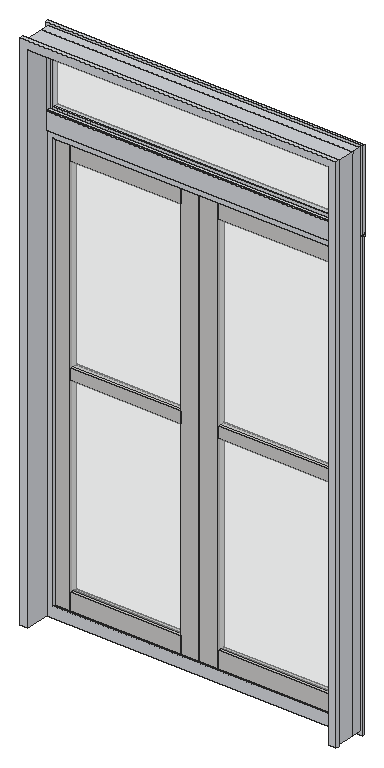
Revit family "APL Residential Thermal Heart French Door with Overlight Open Out", category Doors, host Wall, Revit 2017 (continued)
Definition of nested family "APL Residential Thermal Heart French Door with Overlight Open Out Vertical Section"
  Definition of nested family "65180_Sidelight Frame"
    Lines and regions (mm)
      model lines, in view "Ref. Level"
        curve 284: line (2.043, -17.321, 0) -> (2.352, -17.507, 0)
        curve 285: line (2.441, -17.841, 0) -> (2.078, -18.205, 0)
        curve 286: line (1.892, -18.292, 0) -> (-0.474, -18.499, 0)
        curve 287: line (-0.782, -18.097, 0) -> (-0.268, -16.687, 0)
        curve 288: line (0, -15.917, 0) -> (0, -14.1, 0)
        curve 289: line (1, -13.1, 0) -> (13.8, -13.1, 0)
        curve 290: line (14, -12.9, 0) -> (14, -4.691, 0)
        curve 291: line (13.5, -4.191, 0) -> (10.076, -4.191, 0)
        curve 292: line (9.575, -3.691, 0) -> (9.575, 3, 0)
        curve 293: line (9.775, 3.2, 0) -> (10.775, 3.2, 0)
        curve 294: line (10.975, 3, 0) -> (10.975, 1.817, 0)
        curve 295: line (14.3, 1.252, 0) -> (14.3, 1.9, 0)
        curve 296: line (16.2, 3.99, 0) -> (16.2, 11.8, 0)
        curve 297: line (16, 12, 0) -> (15.2, 12, 0)
        curve 298: line (15.2, 13, 0) -> (16, 13, 0)
        curve 299: line (16.2, 13.2, 0) -> (16.2, 14.8, 0)
        curve 300: line (16, 15, 0) -> (11.266, 15, 0)
        curve 301: line (10.134, 15, 0) -> (5.4, 15, 0)
        curve 302: line (5.2, 14.8, 0) -> (5.2, 13.2, 0)
        curve 303: line (5.4, 13, 0) -> (6.2, 13, 0)
        curve 304: line (6.2, 12, 0) -> (5.2, 12, 0)
        curve 305: line (4.2, 13, 0) -> (4.2, 14.8, 0)
        curve 306: line (4, 15, 0) -> (1, 15, 0)
        curve 307: line (0, 16, 0) -> (0, 17.5, 0)
        curve 308: line (0, 17.5, 0) -> (0.4, 17.9, 0)
        curve 309: line (0.4, 17.9, 0) -> (0.4, 23.1, 0)
        curve 310: line (0.4, 23.1, 0) -> (0, 23.5, 0)
        curve 311: line (0, 23.5, 0) -> (0, 26.5, 0)
        curve 312: line (1.4, 26.5, 0) -> (1.4, 16.7, 0)
        curve 313: line (1.6, 16.5, 0) -> (16, 16.5, 0)
        curve 314: arc (16, 16.5, 0) -> (17.228, 15.975, 0) -> (17.698, 14.725, 0) r 1.7
        curve 315: arc (17.698, 14.725, 0) -> (17.806, 14.538, 0) -> (18.021, 14.558, 0) r 0.2
        curve 316: arc (18.021, 14.558, 0) -> (18.648, 14.969, 0) -> (19.333, 15.274, 0) r 4.7
        curve 317: arc (19.333, 15.274, 0) -> (19.909, 15.68, 0) -> (20.188, 16.327, 0) r 1.3
      detail lines, in view "Ref. Level"
        curve 318: arc (36.356, -1.718, 0) -> (36.496, -2.028, 0) -> (36.197, -2.191, 0) r 0.25
        curve 319: arc (26.309, -2.164, 0) -> (26.009, -2.002, 0) -> (26.149, -1.692, 0) r 0.25
        curve 320: line (36.197, -2.191, 0) -> (32.329, -1.197, 0)
        curve 321: line (32.329, -1.197, 0) -> (31.75, -2.2, 0)
        curve 322: line (31.75, -2.2, 0) -> (30.75, -2.2, 0)
        curve 323: line (30.75, -2.2, 0) -> (30.158, -1.175, 0)
        curve 324: line (30.158, -1.175, 0) -> (26.309, -2.164, 0)
        curve 325: line (26.149, -1.692, 0) -> (30.25, 0.032, 0)
        curve 326: line (30.25, 0.032, 0) -> (30.25, 1.3, 0)
        curve 327: line (30.25, 1.3, 0) -> (29, 1.3, 0)
        curve 328: line (29, 1.3, 0) -> (29, 2.3, 0)
        curve 329: line (29, 2.3, 0) -> (33.5, 2.3, 0)
        curve 330: line (33.5, 2.3, 0) -> (33.5, 1.3, 0)
        curve 331: line (33.5, 1.3, 0) -> (32.25, 1.3, 0)
        curve 332: line (32.25, 1.3, 0) -> (32.25, 0.008, 0)
        curve 333: line (32.25, 0.008, 0) -> (36.356, -1.718, 0)
        curve 334: arc (27.921, 135.423, 0) -> (27.611, 135.563, 0) -> (27.449, 135.264, 0) r 0.25
        curve 335: arc (27.475, 125.376, 0) -> (27.637, 125.077, 0) -> (27.948, 125.217, 0) r 0.25
        curve 336: line (27.449, 135.264, 0) -> (28.443, 131.396, 0)
        curve 337: line (28.443, 131.396, 0) -> (27.439, 130.817, 0)
        curve 338: line (27.439, 130.817, 0) -> (27.439, 129.817, 0)
        curve 339: line (27.439, 129.817, 0) -> (28.465, 129.225, 0)
        curve 340: line (28.465, 129.225, 0) -> (27.475, 125.376, 0)
        curve 341: line (27.948, 125.217, 0) -> (29.672, 129.317, 0)
        curve 342: line (29.672, 129.317, 0) -> (30.939, 129.317, 0)
        curve 343: line (30.939, 129.317, 0) -> (30.939, 128.067, 0)
        curve 344: line (30.939, 128.067, 0) -> (31.939, 128.067, 0)
        curve 345: line (31.939, 128.067, 0) -> (31.939, 132.567, 0)
        curve 346: line (31.939, 132.567, 0) -> (30.939, 132.567, 0)
        curve 347: line (30.939, 132.567, 0) -> (30.939, 131.317, 0)
        curve 348: line (30.939, 131.317, 0) -> (29.647, 131.317, 0)
        curve 349: line (29.647, 131.317, 0) -> (27.921, 135.423, 0)
    Text (mm)
      text "65180" at (37.391, 26.006, 0), in view "Ref. Level"
  Definition of nested family "65290_Vision Rail"
    Reference planes
      plane 1 "Center (Front/Back)": y = 0
      plane 2: z = 0
      plane 3 "Center (Left/Right)": x = 0
    Lines and regions (mm)
      model lines, in view "Ref. Level"
        curve 1: arc (-2.5, 4.399, 0) -> (-2.383, 4.117, 0) -> (-2.1, 3.999, 0) r 0.4
        curve 2: arc (-1.807, 3.999, 0) -> (-1.704, 4.013, 0) -> (-1.607, 4.053, 0) r 0.4
        curve 3: arc (-0.079, 4.938, 0) -> (0.211, 5.058, 0) -> (0.522, 5.099, 0) r 1.2
        curve 4: arc (1.445, 5.099, 0) -> (2.018, 5.28, 0) -> (2.384, 5.757, 0) r 1
        curve 5: arc (3.177, 7.936, 0) -> (3.324, 8.127, 0) -> (3.553, 8.199, 0) r 0.4
        curve 6: arc (6.247, 8.199, 0) -> (6.476, 8.127, 0) -> (6.623, 7.936, 0) r 0.4
        curve 7: arc (7.416, 5.757, 0) -> (7.782, 5.28, 0) -> (8.355, 5.099, 0) r 1
        curve 8: arc (9.278, 5.099, 0) -> (9.589, 5.058, 0) -> (9.879, 4.938, 0) r 1.2
        curve 9: arc (11.407, 4.053, 0) -> (11.504, 4.013, 0) -> (11.607, 3.999, 0) r 0.4
        curve 10: arc (11.9, 3.999, 0) -> (12.183, 4.117, 0) -> (12.3, 4.399, 0) r 0.4
        curve 11: arc (12.3, 7.799, 0) -> (12.183, 8.082, 0) -> (11.9, 8.199, 0) r 0.4
        curve 12: arc (11.607, 8.199, 0) -> (11.504, 8.186, 0) -> (11.407, 8.146, 0) r 0.4
        curve 13: arc (9.879, 7.261, 0) -> (9.585, 7.139, 0) -> (9.27, 7.099, 0) r 1.2
        curve 14: arc (9.27, 7.099, 0) -> (9.095, 7.153, 0) -> (8.984, 7.297, 0) r 0.3
        curve 15: arc (8.096, 9.736, 0) -> (7.949, 9.927, 0) -> (7.72, 9.999, 0) r 0.4
        curve 16: arc (2.08, 9.999, 0) -> (1.851, 9.927, 0) -> (1.704, 9.736, 0) r 0.4
        curve 17: arc (0.816, 7.297, 0) -> (0.705, 7.153, 0) -> (0.53, 7.099, 0) r 0.3
        curve 18: arc (0.53, 7.099, 0) -> (0.215, 7.139, 0) -> (-0.079, 7.261, 0) r 1.2
        curve 19: arc (-1.607, 8.146, 0) -> (-1.704, 8.186, 0) -> (-1.807, 8.199, 0) r 0.4
        curve 20: arc (-2.1, 8.199, 0) -> (-2.383, 8.082, 0) -> (-2.5, 7.799, 0) r 0.4
        curve 21: line (-2.1, 3.999, 0) -> (-1.807, 3.999, 0)
        curve 22: line (-1.607, 4.053, 0) -> (-0.079, 4.938, 0)
        curve 23: line (0.522, 5.099, 0) -> (1.445, 5.099, 0)
        curve 24: line (2.384, 5.757, 0) -> (3.177, 7.936, 0)
        curve 25: line (3.553, 8.199, 0) -> (6.247, 8.199, 0)
        curve 26: line (6.623, 7.936, 0) -> (7.416, 5.757, 0)
        curve 27: line (8.355, 5.099, 0) -> (9.278, 5.099, 0)
        curve 28: line (9.879, 4.938, 0) -> (11.407, 4.053, 0)
        curve 29: line (11.607, 3.999, 0) -> (11.9, 3.999, 0)
        curve 30: line (12.3, 4.399, 0) -> (12.3, 7.799, 0)
        curve 31: line (11.9, 8.199, 0) -> (11.607, 8.199, 0)
        curve 32: line (11.407, 8.146, 0) -> (9.879, 7.261, 0)
        curve 33: line (8.984, 7.297, 0) -> (8.096, 9.736, 0)
        curve 34: line (7.72, 9.999, 0) -> (2.08, 9.999, 0)
        curve 35: line (1.704, 9.736, 0) -> (0.816, 7.297, 0)
        curve 36: line (-0.079, 7.261, 0) -> (-1.607, 8.146, 0)
        curve 37: line (-1.807, 8.199, 0) -> (-2.1, 8.199, 0)
        curve 38: line (-2.5, 7.799, 0) -> (-2.5, 4.399, 0)
        curve 39: arc (-2.5, -4.399, 0) -> (-2.383, -4.117, 0) -> (-2.1, -3.999, 0) r 0.4
        curve 40: arc (-1.807, -3.999, 0) -> (-1.704, -4.013, 0) -> (-1.607, -4.053, 0) r 0.4
        curve 41: arc (-0.079, -4.938, 0) -> (0.211, -5.058, 0) -> (0.522, -5.099, 0) r 1.2
        curve 42: arc (1.445, -5.099, 0) -> (2.018, -5.28, 0) -> (2.384, -5.757, 0) r 1
        curve 43: arc (3.177, -7.936, 0) -> (3.324, -8.127, 0) -> (3.553, -8.199, 0) r 0.4
        curve 44: arc (6.247, -8.199, 0) -> (6.476, -8.127, 0) -> (6.623, -7.936, 0) r 0.4
        curve 45: arc (7.416, -5.757, 0) -> (7.782, -5.28, 0) -> (8.355, -5.099, 0) r 1
        curve 46: arc (9.278, -5.099, 0) -> (9.589, -5.058, 0) -> (9.879, -4.938, 0) r 1.2
        curve 47: arc (11.407, -4.053, 0) -> (11.504, -4.013, 0) -> (11.607, -3.999, 0) r 0.4
        curve 48: arc (11.9, -3.999, 0) -> (12.183, -4.117, 0) -> (12.3, -4.399, 0) r 0.4
        curve 49: arc (12.3, -7.799, 0) -> (12.183, -8.082, 0) -> (11.9, -8.199, 0) r 0.4
        curve 50: arc (11.607, -8.199, 0) -> (11.504, -8.186, 0) -> (11.407, -8.146, 0) r 0.4
        curve 51: arc (9.879, -7.261, 0) -> (9.585, -7.139, 0) -> (9.27, -7.099, 0) r 1.2
        curve 52: arc (9.27, -7.099, 0) -> (9.095, -7.153, 0) -> (8.984, -7.297, 0) r 0.3
        curve 53: arc (8.096, -9.736, 0) -> (7.949, -9.927, 0) -> (7.72, -9.999, 0) r 0.4
        curve 54: arc (2.08, -9.999, 0) -> (1.851, -9.927, 0) -> (1.704, -9.736, 0) r 0.4
        curve 55: arc (0.816, -7.297, 0) -> (0.705, -7.153, 0) -> (0.53, -7.099, 0) r 0.3
        curve 56: arc (0.53, -7.099, 0) -> (0.215, -7.139, 0) -> (-0.079, -7.261, 0) r 1.2
        curve 57: arc (-1.607, -8.146, 0) -> (-1.704, -8.186, 0) -> (-1.807, -8.199, 0) r 0.4
        curve 58: arc (-2.1, -8.199, 0) -> (-2.383, -8.082, 0) -> (-2.5, -7.799, 0) r 0.4
        curve 59: line (-2.1, -3.999, 0) -> (-1.807, -3.999, 0)
        curve 60: line (-1.607, -4.053, 0) -> (-0.079, -4.938, 0)
        curve 61: line (0.522, -5.099, 0) -> (1.445, -5.099, 0)
        curve 62: line (2.384, -5.757, 0) -> (3.177, -7.936, 0)
        curve 63: line (3.553, -8.199, 0) -> (6.247, -8.199, 0)
        curve 64: line (6.623, -7.936, 0) -> (7.416, -5.757, 0)
        curve 65: line (8.355, -5.099, 0) -> (9.278, -5.099, 0)
        curve 66: line (9.879, -4.938, 0) -> (11.407, -4.053, 0)
        curve 67: line (11.607, -3.999, 0) -> (11.9, -3.999, 0)
        curve 68: line (12.3, -4.399, 0) -> (12.3, -7.799, 0)
        curve 69: line (11.9, -8.199, 0) -> (11.607, -8.199, 0)
        curve 70: line (11.407, -8.146, 0) -> (9.879, -7.261, 0)
        curve 71: line (8.984, -7.297, 0) -> (8.096, -9.736, 0)
        curve 72: line (7.72, -9.999, 0) -> (2.08, -9.999, 0)
        curve 73: line (1.704, -9.736, 0) -> (0.816, -7.297, 0)
        curve 74: line (-0.079, -7.261, 0) -> (-1.607, -8.146, 0)
        curve 75: line (-1.807, -8.199, 0) -> (-2.1, -8.199, 0)
        curve 76: line (-2.5, -7.799, 0) -> (-2.5, -4.399, 0)
        curve 77: arc (-14.5, -7.9, 0) -> (-14.354, -8.254, 0) -> (-14, -8.4, 0) r 0.5
        curve 78: arc (-10.312, -8.4, 0) -> (-9.861, -8.115, 0) -> (-9.924, -7.585, 0) r 0.5
        curve 79: arc (-9.924, -7.585, 0) -> (-10.794, -4.951, 0) -> (-9.692, -2.405, 0) r 3.9
        curve 80: arc (-9.692, -2.405, 0) -> (-8.42, -2.388, 0) -> (-8.402, -3.66, 0) r 0.9
        curve 81: arc (-8.402, -3.66, 0) -> (-8.997, -5.125, 0) -> (-8.402, -6.59, 0) r 2.1
        curve 82: arc (-8.402, -6.59, 0) -> (-8.277, -6.752, 0) -> (-8.192, -6.939, 0) r 0.9
        curve 83: arc (-8.192, -6.939, 0) -> (-8.094, -7.111, 0) -> (-7.938, -7.232, 0) r 0.5
        curve 84: arc (-7.938, -7.232, 0) -> (-6.897, -7.475, 0) -> (-5.857, -7.232, 0) r 2.35
        curve 85: arc (-5.857, -7.232, 0) -> (-5.701, -7.111, 0) -> (-5.603, -6.939, 0) r 0.5
        curve 86: arc (-5.603, -6.939, 0) -> (-5.518, -6.752, 0) -> (-5.392, -6.59, 0) r 0.9
        curve 87: arc (-5.392, -6.59, 0) -> (-4.797, -5.125, 0) -> (-5.392, -3.66, 0) r 2.1
        curve 88: arc (-5.392, -3.66, 0) -> (-5.611, -2.78, 0) -> (-4.952, -2.156, 0) r 0.9
        curve 89: arc (-4.952, -2.156, 0) -> (-4.842, -2.088, 0) -> (-4.797, -1.967, 0) r 0.2
        curve 90: arc (-4.797, -1.967, 0) -> (-4.646, -1.622, 0) -> (-4.297, -1.48, 0) r 0.5
        curve 91: arc (-2.5, -1.48, 0) -> (-2.146, -1.334, 0) -> (-2, -0.98, 0) r 0.5
        curve 92: arc (-2, 0.98, 0) -> (-2.146, 1.334, 0) -> (-2.5, 1.48, 0) r 0.5
        curve 93: arc (-4.297, 1.48, 0) -> (-4.646, 1.622, 0) -> (-4.797, 1.967, 0) r 0.5
        curve 94: arc (-4.797, 1.967, 0) -> (-4.842, 2.088, 0) -> (-4.952, 2.156, 0) r 0.2
        curve 95: arc (-4.952, 2.156, 0) -> (-5.611, 2.78, 0) -> (-5.392, 3.66, 0) r 0.9
        curve 96: arc (-5.392, 3.66, 0) -> (-4.797, 5.125, 0) -> (-5.392, 6.59, 0) r 2.1
        curve 97: arc (-5.392, 6.59, 0) -> (-5.518, 6.752, 0) -> (-5.603, 6.939, 0) r 0.9
        curve 98: arc (-5.603, 6.939, 0) -> (-5.701, 7.111, 0) -> (-5.857, 7.232, 0) r 0.5
        curve 99: arc (-5.857, 7.232, 0) -> (-6.897, 7.475, 0) -> (-7.938, 7.232, 0) r 2.35
        curve 100: arc (-7.938, 7.232, 0) -> (-8.094, 7.111, 0) -> (-8.192, 6.939, 0) r 0.5
        curve 101: arc (-8.192, 6.939, 0) -> (-8.277, 6.752, 0) -> (-8.402, 6.59, 0) r 0.9
        curve 102: arc (-8.402, 6.59, 0) -> (-8.997, 5.125, 0) -> (-8.402, 3.66, 0) r 2.1
        curve 103: arc (-8.402, 3.66, 0) -> (-8.42, 2.388, 0) -> (-9.692, 2.405, 0) r 0.9
        curve 104: arc (-9.692, 2.405, 0) -> (-10.794, 4.951, 0) -> (-9.924, 7.585, 0) r 3.9
        curve 105: arc (-9.924, 7.585, 0) -> (-9.861, 8.115, 0) -> (-10.312, 8.4, 0) r 0.5
        curve 106: arc (-14, 8.4, 0) -> (-14.354, 8.254, 0) -> (-14.5, 7.9, 0) r 0.5
        curve 107: arc (-25.437, -1.98, 0) -> (-25.137, -1.286, 0) -> (-24.437, -1, 0) r 1
        curve 108: arc (-17.1, -1, 0) -> (-16.393, -1.293, 0) -> (-16.1, -2, 0) r 1
        curve 109: arc (-16.1, -8.172, 0) -> (-16.127, -8.272, 0) -> (-16.2, -8.345, 0) r 0.2
        curve 110: arc (-17.3, -8.98, 0) -> (-17.52, -9.2, 0) -> (-17.6, -9.5, 0) r 0.6
        curve 111: arc (-17.6, -9.8, 0) -> (-17.541, -9.941, 0) -> (-17.4, -10, 0) r 0.2
        curve 112: arc (-1.583, -10, 0) -> (-1.278, -9.801, 0) -> (-1.005, -10.043, 0) r 0.3
        curve 113: arc (-1.005, -10.043, 0) -> (-0.939, -10.181, 0) -> (-0.813, -10.268, 0) r 0.3
        curve 114: arc (0.597, -10.782, 0) -> (0.883, -10.738, 0) -> (0.999, -10.474, 0) r 0.3
        curve 115: arc (0.792, -8.108, 0) -> (0.765, -8.008, 0) -> (0.705, -7.922, 0) r 0.3
        curve 116: arc (0.341, -7.559, 0) -> (0.148, -7.507, 0) -> (0.007, -7.648, 0) r 0.2
        curve 117: arc (-0.038, -7.816, 0) -> (-0.09, -7.905, 0) -> (-0.179, -7.957, 0) r 0.2
        curve 118: arc (-2.4, -8.5, 0) -> (-2.68, -8.307, 0) -> (-2.6, -7.976, 0) r 0.3
        curve 119: arc (-2.6, -7.976, 0) -> (-2.526, -7.875, 0) -> (-2.5, -7.753, 0) r 0.3
        curve 120: arc (-2.694, -3.75, 0) -> (-2.658, -3.578, 0) -> (-2.5, -3.5, 0) r 0.2
        curve 121: arc (-1.979, -3.5, 0) -> (-1.898, -3.511, 0) -> (-1.823, -3.544, 0) r 0.3
        curve 122: arc (-0.569, -4.309, 0) -> (-0.572, -4.479, 0) -> (-0.466, -4.611, 0) r 0.25
        curve 123: arc (-0.381, -4.663, 0) -> (-0.128, -4.668, 0) -> (0, -4.45, 0) r 0.25
        curve 124: arc (0, 4.45, 0) -> (-0.128, 4.668, 0) -> (-0.381, 4.663, 0) r 0.25
        curve 125: arc (-0.466, 4.611, 0) -> (-0.572, 4.479, 0) -> (-0.569, 4.309, 0) r 0.25
        curve 126: arc (-1.823, 3.544, 0) -> (-1.898, 3.511, 0) -> (-1.979, 3.5, 0) r 0.3
        curve 127: arc (-2.5, 3.5, 0) -> (-2.658, 3.578, 0) -> (-2.694, 3.75, 0) r 0.2
        curve 128: arc (-2.5, 7.753, 0) -> (-2.526, 7.875, 0) -> (-2.6, 7.976, 0) r 0.3
        curve 129: arc (-2.6, 7.976, 0) -> (-2.68, 8.307, 0) -> (-2.4, 8.5, 0) r 0.3
        curve 130: arc (-0.179, 7.957, 0) -> (-0.09, 7.905, 0) -> (-0.038, 7.816, 0) r 0.2
        curve 131: arc (0.007, 7.648, 0) -> (0.148, 7.507, 0) -> (0.341, 7.559, 0) r 0.2
        curve 132: arc (0.705, 7.922, 0) -> (0.765, 8.008, 0) -> (0.792, 8.108, 0) r 0.3
        curve 133: arc (0.999, 10.474, 0) -> (0.883, 10.738, 0) -> (0.597, 10.782, 0) r 0.3
        curve 134: arc (-0.813, 10.268, 0) -> (-0.939, 10.181, 0) -> (-1.005, 10.043, 0) r 0.3
        curve 135: arc (-1.005, 10.043, 0) -> (-1.278, 9.801, 0) -> (-1.583, 10, 0) r 0.3
        curve 136: arc (-17.4, 10, 0) -> (-17.541, 9.941, 0) -> (-17.6, 9.8, 0) r 0.2
        curve 137: arc (-17.6, 9.5, 0) -> (-17.52, 9.2, 0) -> (-17.3, 8.98, 0) r 0.6
        curve 138: arc (-16.2, 8.345, 0) -> (-16.127, 8.272, 0) -> (-16.1, 8.172, 0) r 0.2
        curve 139: arc (-16.1, 2, 0) -> (-16.393, 1.293, 0) -> (-17.1, 1, 0) r 1
        curve 140: arc (-24.437, 1, 0) -> (-25.137, 1.286, 0) -> (-25.437, 1.98, 0) r 1
        curve 141: arc (-25.578, 8.935, 0) -> (-25.543, 9.052, 0) -> (-25.447, 9.127, 0) r 0.2
        curve 142: arc (-25.447, 9.127, 0) -> (-25.279, 9.234, 0) -> (-25.175, 9.403, 0) r 0.45
        curve 143: arc (-25.175, 9.403, 0) -> (-25.171, 9.522, 0) -> (-25.235, 9.621, 0) r 0.2
        curve 144: arc (-26.7, 10, 0) -> (-26.841, 9.941, 0) -> (-26.9, 9.8, 0) r 0.2
        curve 145: arc (-26.9, -9.8, 0) -> (-26.841, -9.941, 0) -> (-26.7, -10, 0) r 0.2
        curve 146: line (-14, -8.4, 0) -> (-10.312, -8.4, 0)
        curve 147: line (-4.297, -1.48, 0) -> (-2.5, -1.48, 0)
        curve 148: line (-2, -0.98, 0) -> (-2, 0.98, 0)
        curve 149: line (-2.5, 1.48, 0) -> (-4.297, 1.48, 0)
        curve 150: line (-10.312, 8.4, 0) -> (-14, 8.4, 0)
        curve 151: line (-14.5, 7.9, 0) -> (-14.5, -7.9, 0)
        curve 152: line (-25.578, -8.935, 0) -> (-25.437, -1.98, 0)
        curve 153: line (-24.437, -1, 0) -> (-17.1, -1, 0)
        curve 154: line (-16.1, -2, 0) -> (-16.1, -8.172, 0)
        curve 155: line (-16.2, -8.345, 0) -> (-17.3, -8.98, 0)
        curve 156: line (-17.6, -9.5, 0) -> (-17.6, -9.8, 0)
        curve 157: line (-17.4, -10, 0) -> (-1.583, -10, 0)
        curve 158: line (-0.813, -10.268, 0) -> (0.597, -10.782, 0)
        curve 159: line (0.999, -10.474, 0) -> (0.792, -8.108, 0)
        curve 160: line (0.705, -7.922, 0) -> (0.341, -7.559, 0)
        curve 161: line (0.007, -7.648, 0) -> (-0.038, -7.816, 0)
        curve 162: line (-0.038, -7.816, 0) -> (-2.168, -8.49, 0)
        curve 163: line (-2.168, -8.49, 0) -> (-2.4, -8.5, 0)
        curve 164: line (-2.5, -7.753, 0) -> (-2.5, -4.525, 0)
        curve 165: line (-2.5, -4.525, 0) -> (-2.694, -3.75, 0)
        curve 166: line (-2.5, -3.5, 0) -> (-1.979, -3.5, 0)
        curve 167: line (-1.979, -3.5, 0) -> (-0.569, -4.309, 0)
        curve 168: line (0, -4.45, 0) -> (0, 4.45, 0)
        curve 169: line (-0.569, 4.309, 0) -> (-1.823, 3.544, 0)
        curve 170: line (-1.823, 3.544, 0) -> (-2.5, 3.5, 0)
        curve 171: line (-2.694, 3.75, 0) -> (-2.506, 4.475, 0)
        curve 172: line (-2.506, 4.475, 0) -> (-2.5, 7.753, 0)
        curve 173: line (-2.246, 8.5, 0) -> (-0.179, 7.957, 0)
        curve 174: line (-0.179, 7.957, 0) -> (0.007, 7.648, 0)
        curve 175: line (0.341, 7.559, 0) -> (0.705, 7.922, 0)
        curve 176: line (0.792, 8.108, 0) -> (0.999, 10.474, 0)
        curve 177: line (0.597, 10.782, 0) -> (-0.813, 10.268, 0)
        curve 178: line (-1.583, 10, 0) -> (-17.4, 10, 0)
        curve 179: line (-17.6, 9.8, 0) -> (-17.6, 9.5, 0)
        curve 180: line (-17.3, 8.98, 0) -> (-16.2, 8.345, 0)
        curve 181: line (-16.1, 8.172, 0) -> (-16.1, 2, 0)
        curve 182: line (-17.1, 1, 0) -> (-24.437, 1, 0)
        curve 183: line (-25.437, 1.98, 0) -> (-25.578, 8.935, 0)
        curve 184: line (-25.235, 9.621, 0) -> (-25.631, 9.953, 0)
        curve 185: line (-25.631, 9.953, 0) -> (-26.7, 10, 0)
        curve 186: line (-26.9, 9.8, 0) -> (-26.9, 0, 0)
        curve 187: line (-26.9, 0, 0) -> (-26.9, -9.8, 0)
        curve 188: line (-26.7, -10, 0) -> (-25.759, -10, 0)
        curve 189: line (-25.759, -10, 0) -> (-25.235, -9.621, 0)
        curve 190: arc (-25.235, -9.621, 0) -> (-25.171, -9.522, 0) -> (-25.175, -9.403, 0) r 0.2
        curve 191: arc (-25.175, -9.403, 0) -> (-25.279, -9.234, 0) -> (-25.447, -9.127, 0) r 0.45
        curve 192: arc (-25.447, -9.127, 0) -> (-25.543, -9.052, 0) -> (-25.578, -8.935, 0) r 0.2
        curve 193: arc (19.005, 9.273, 0) -> (19.186, 9.44, 0) -> (19.424, 9.5, 0) r 0.5
        curve 194: arc (22.5, 9.5, 0) -> (22.854, 9.354, 0) -> (23, 9, 0) r 0.5
        curve 195: arc (23, -9, 0) -> (22.854, -9.354, 0) -> (22.5, -9.5, 0) r 0.5
        curve 196: arc (19.424, -9.5, 0) -> (19.186, -9.44, 0) -> (19.005, -9.273, 0) r 0.5
        curve 197: arc (19.005, -9.273, 0) -> (18.39, -8.706, 0) -> (17.58, -8.5, 0) r 1.7
        curve 198: arc (14.8, -8.5, 0) -> (14.446, -8.354, 0) -> (14.3, -8, 0) r 0.5
        curve 199: arc (14.3, -2, 0) -> (14.154, -1.646, 0) -> (13.8, -1.5, 0) r 0.5
        curve 200: arc (12.3, -1.5, 0) -> (11.946, -1.354, 0) -> (11.8, -1, 0) r 0.5
        curve 201: arc (11.8, 1, 0) -> (11.946, 1.354, 0) -> (12.3, 1.5, 0) r 0.5
        curve 202: arc (13.8, 1.5, 0) -> (14.154, 1.646, 0) -> (14.3, 2, 0) r 0.5
        curve 203: arc (14.3, 8, 0) -> (14.446, 8.354, 0) -> (14.8, 8.5, 0) r 0.5
        curve 204: arc (17.58, 8.5, 0) -> (18.39, 8.706, 0) -> (19.005, 9.273, 0) r 1.7
        curve 205: arc (10.805, -10.043, 0) -> (10.739, -10.181, 0) -> (10.613, -10.268, 0) r 0.3
        curve 206: arc (9.203, -10.782, 0) -> (8.917, -10.738, 0) -> (8.801, -10.474, 0) r 0.3
        curve 207: arc (9.008, -8.108, 0) -> (9.035, -8.008, 0) -> (9.095, -7.922, 0) r 0.3
        curve 208: arc (9.459, -7.559, 0) -> (9.652, -7.507, 0) -> (9.793, -7.648, 0) r 0.2
        curve 209: arc (9.838, -7.816, 0) -> (9.89, -7.905, 0) -> (9.979, -7.957, 0) r 0.2
        curve 210: arc (12.2, -8.5, 0) -> (12.48, -8.307, 0) -> (12.4, -7.976, 0) r 0.3
        curve 211: arc (12.4, -7.976, 0) -> (12.326, -7.875, 0) -> (12.3, -7.753, 0) r 0.3
        curve 212: arc (12.494, -3.75, 0) -> (12.458, -3.578, 0) -> (12.3, -3.5, 0) r 0.2
        curve 213: arc (11.779, -3.5, 0) -> (11.698, -3.511, 0) -> (11.623, -3.544, 0) r 0.3
        curve 214: arc (10.369, -4.309, 0) -> (10.372, -4.479, 0) -> (10.266, -4.611, 0) r 0.25
        curve 215: arc (10.18, -4.663, 0) -> (9.928, -4.668, 0) -> (9.8, -4.45, 0) r 0.25
        curve 216: arc (9.8, 4.45, 0) -> (9.928, 4.668, 0) -> (10.18, 4.663, 0) r 0.25
        curve 217: arc (10.266, 4.611, 0) -> (10.372, 4.479, 0) -> (10.369, 4.309, 0) r 0.25
        curve 218: arc (11.623, 3.544, 0) -> (11.698, 3.511, 0) -> (11.779, 3.5, 0) r 0.3
        curve 219: arc (12.3, 3.5, 0) -> (12.458, 3.578, 0) -> (12.494, 3.75, 0) r 0.2
        curve 220: arc (12.3, 7.753, 0) -> (12.326, 7.875, 0) -> (12.4, 7.976, 0) r 0.3
        curve 221: arc (12.4, 7.976, 0) -> (12.48, 8.307, 0) -> (12.2, 8.5, 0) r 0.3
        curve 222: arc (9.979, 7.957, 0) -> (9.89, 7.905, 0) -> (9.838, 7.816, 0) r 0.2
        curve 223: arc (9.793, 7.648, 0) -> (9.652, 7.507, 0) -> (9.459, 7.559, 0) r 0.2
        curve 224: arc (9.095, 7.922, 0) -> (9.035, 8.008, 0) -> (9.008, 8.108, 0) r 0.3
        curve 225: arc (8.801, 10.474, 0) -> (8.917, 10.738, 0) -> (9.203, 10.782, 0) r 0.3
        curve 226: arc (10.613, 10.268, 0) -> (10.739, 10.181, 0) -> (10.805, 10.043, 0) r 0.3
        curve 227: arc (10.805, 10.043, 0) -> (11.078, 9.801, 0) -> (11.383, 10, 0) r 0.3
        curve 228: arc (17.58, 10, 0) -> (17.721, 10.059, 0) -> (17.78, 10.2, 0) r 0.2
        curve 229: arc (17.78, 10.8, 0) -> (17.839, 10.941, 0) -> (17.98, 11, 0) r 0.2
        curve 230: arc (22.8, 11, 0) -> (22.941, 11.059, 0) -> (23, 11.2, 0) r 0.2
        curve 231: arc (23, 27, 0) -> (22.854, 27.354, 0) -> (22.5, 27.5, 0) r 0.5
        curve 232: arc (20.1, 27.5, 0) -> (19.746, 27.354, 0) -> (19.6, 27, 0) r 0.5
        curve 233: arc (19.6, 21.7, 0) -> (19.541, 21.559, 0) -> (19.4, 21.5, 0) r 0.2
        curve 234: arc (15.8, 21.5, 0) -> (15.659, 21.559, 0) -> (15.6, 21.7, 0) r 0.2
        curve 235: arc (15.6, 23.25, 0) -> (16.1, 23.75, 0) -> (16.6, 23.25, 0) r 0.5
        curve 236: arc (16.6, 22.7, 0) -> (16.659, 22.559, 0) -> (16.8, 22.5, 0) r 0.2
        curve 237: arc (17.9, 22.5, 0) -> (18.041, 22.559, 0) -> (18.1, 22.7, 0) r 0.2
        curve 238: arc (18.1, 27.8, 0) -> (18.041, 27.941, 0) -> (17.9, 28, 0) r 0.2
        curve 239: arc (16.8, 28, 0) -> (16.659, 27.941, 0) -> (16.6, 27.8, 0) r 0.2
        curve 240: arc (16.6, 27.25, 0) -> (16.1, 26.75, 0) -> (15.6, 27.25, 0) r 0.5
        curve 241: arc (15.6, 28.5, 0) -> (15.746, 28.854, 0) -> (16.1, 29, 0) r 0.5
        curve 242: arc (24, 29, 0) -> (24.354, 28.854, 0) -> (24.5, 28.5, 0) r 0.5
        curve 243: arc (24.5, -28.5, 0) -> (24.354, -28.854, 0) -> (24, -29, 0) r 0.5
        curve 244: arc (16.1, -29, 0) -> (15.746, -28.854, 0) -> (15.6, -28.5, 0) r 0.5
        curve 245: arc (15.6, -27.25, 0) -> (16.1, -26.75, 0) -> (16.6, -27.25, 0) r 0.5
        curve 246: arc (16.6, -27.8, 0) -> (16.659, -27.941, 0) -> (16.8, -28, 0) r 0.2
        curve 247: arc (17.9, -28, 0) -> (18.041, -27.941, 0) -> (18.1, -27.8, 0) r 0.2
        curve 248: arc (18.1, -22.7, 0) -> (18.041, -22.559, 0) -> (17.9, -22.5, 0) r 0.2
        curve 249: arc (16.8, -22.5, 0) -> (16.659, -22.559, 0) -> (16.6, -22.7, 0) r 0.2
        curve 250: arc (16.6, -23.25, 0) -> (16.1, -23.75, 0) -> (15.6, -23.25, 0) r 0.5
        curve 251: arc (15.6, -21.7, 0) -> (15.659, -21.559, 0) -> (15.8, -21.5, 0) r 0.2
        curve 252: arc (19.4, -21.5, 0) -> (19.541, -21.559, 0) -> (19.6, -21.7, 0) r 0.2
        curve 253: arc (19.6, -27, 0) -> (19.746, -27.354, 0) -> (20.1, -27.5, 0) r 0.5
        curve 254: arc (22.5, -27.5, 0) -> (22.854, -27.354, 0) -> (23, -27, 0) r 0.5
        curve 255: arc (23, -11.2, 0) -> (22.941, -11.059, 0) -> (22.8, -11, 0) r 0.2
        curve 256: arc (17.98, -11, 0) -> (17.839, -10.941, 0) -> (17.78, -10.8, 0) r 0.2
        curve 257: arc (17.78, -10.2, 0) -> (17.721, -10.059, 0) -> (17.58, -10, 0) r 0.2
        curve 258: line (19.424, 9.5, 0) -> (22.5, 9.5, 0)
        curve 259: line (23, 9, 0) -> (23, -9, 0)
        curve 260: line (22.5, -9.5, 0) -> (19.424, -9.5, 0)
        curve 261: line (17.58, -8.5, 0) -> (14.8, -8.5, 0)
        curve 262: line (14.3, -8, 0) -> (14.3, -2, 0)
        curve 263: line (13.8, -1.5, 0) -> (12.3, -1.5, 0)
        curve 264: line (11.8, -1, 0) -> (11.8, 1, 0)
        curve 265: line (12.3, 1.5, 0) -> (13.8, 1.5, 0)
        curve 266: line (14.3, 2, 0) -> (14.3, 8, 0)
        curve 267: line (14.8, 8.5, 0) -> (17.58, 8.5, 0)
        curve 268: line (10.613, -10.268, 0) -> (9.203, -10.782, 0)
        curve 269: line (8.801, -10.474, 0) -> (9.008, -8.108, 0)
        curve 270: line (9.095, -7.922, 0) -> (9.459, -7.559, 0)
        curve 271: line (9.793, -7.648, 0) -> (9.838, -7.816, 0)
        curve 272: line (9.838, -7.816, 0) -> (11.968, -8.49, 0)
        curve 273: line (11.968, -8.49, 0) -> (12.2, -8.5, 0)
        curve 274: line (12.3, -7.753, 0) -> (12.3, -4.525, 0)
        curve 275: line (12.3, -4.525, 0) -> (12.494, -3.75, 0)
        curve 276: line (12.3, -3.5, 0) -> (11.779, -3.5, 0)
        curve 277: line (11.779, -3.5, 0) -> (10.369, -4.309, 0)
        curve 278: line (9.8, -4.45, 0) -> (9.8, 4.45, 0)
        curve 279: line (10.369, 4.309, 0) -> (11.623, 3.544, 0)
        curve 280: line (11.623, 3.544, 0) -> (12.3, 3.5, 0)
        curve 281: line (12.494, 3.75, 0) -> (12.3, 4.5, 0)
        curve 282: line (12.306, 4.475, 0) -> (12.3, 7.753, 0)
        curve 283: line (12.046, 8.5, 0) -> (9.979, 7.957, 0)
        curve 284: line (9.979, 7.957, 0) -> (9.793, 7.648, 0)
        curve 285: line (9.459, 7.559, 0) -> (9.095, 7.922, 0)
        curve 286: line (9.008, 8.108, 0) -> (8.801, 10.474, 0)
        curve 287: line (9.203, 10.782, 0) -> (10.613, 10.268, 0)
        curve 288: line (11.383, 10, 0) -> (17.58, 10, 0)
        curve 289: line (17.78, 10.2, 0) -> (17.78, 10.8, 0)
        curve 290: line (17.98, 11, 0) -> (22.8, 11, 0)
        curve 291: line (23, 11.2, 0) -> (23, 27, 0)
        curve 292: line (22.5, 27.5, 0) -> (20.1, 27.5, 0)
        curve 293: line (19.6, 27, 0) -> (19.6, 21.7, 0)
        curve 294: line (19.4, 21.5, 0) -> (15.8, 21.5, 0)
        curve 295: line (15.6, 21.7, 0) -> (15.6, 23.25, 0)
        curve 296: line (16.6, 23.25, 0) -> (16.6, 22.7, 0)
        curve 297: line (16.8, 22.5, 0) -> (17.9, 22.5, 0)
        curve 298: line (18.1, 22.7, 0) -> (18.1, 27.8, 0)
        curve 299: line (17.9, 28, 0) -> (16.8, 28, 0)
        curve 300: line (16.6, 27.8, 0) -> (16.6, 27.25, 0)
        curve 301: line (15.6, 27.25, 0) -> (15.6, 28.5, 0)
        curve 302: line (16.1, 29, 0) -> (24, 29, 0)
        curve 303: line (24.5, 28.5, 0) -> (24.5, 0, 0)
        curve 304: line (24.5, 0, 0) -> (24.5, -28.5, 0)
        curve 305: line (24, -29, 0) -> (16.1, -29, 0)
        curve 306: line (15.6, -28.5, 0) -> (15.6, -27.25, 0)
        curve 307: line (16.6, -27.25, 0) -> (16.6, -27.8, 0)
        curve 308: line (16.8, -28, 0) -> (17.9, -28, 0)
        curve 309: line (18.1, -27.8, 0) -> (18.1, -22.7, 0)
        curve 310: line (17.9, -22.5, 0) -> (16.8, -22.5, 0)
        curve 311: line (16.6, -22.7, 0) -> (16.6, -23.25, 0)
        curve 312: line (15.6, -23.25, 0) -> (15.6, -21.7, 0)
        curve 313: line (15.8, -21.5, 0) -> (19.4, -21.5, 0)
        curve 314: line (19.6, -21.7, 0) -> (19.6, -27, 0)
        curve 315: line (20.1, -27.5, 0) -> (22.5, -27.5, 0)
        curve 316: line (23, -27, 0) -> (23, -11.2, 0)
        curve 317: line (22.8, -11, 0) -> (17.98, -11, 0)
        curve 318: line (17.78, -10.8, 0) -> (17.78, -10.2, 0)
        curve 319: line (17.58, -10, 0) -> (11.383, -10, 0)
        curve 320: arc (11.383, -10, 0) -> (11.078, -9.801, 0) -> (10.805, -10.043, 0) r 0.3
      detail lines, in view "Ref. Level"
        curve 321: arc (13.882, 30.356, 0) -> (13.572, 30.496, 0) -> (13.409, 30.197, 0) r 0.25
        curve 322: arc (13.436, 20.309, 0) -> (13.598, 20.009, 0) -> (13.908, 20.149, 0) r 0.25
        curve 323: line (13.409, 30.197, 0) -> (14.403, 26.329, 0)
        curve 324: line (14.403, 26.329, 0) -> (13.4, 25.75, 0)
        curve 325: line (13.4, 25.75, 0) -> (13.4, 24.75, 0)
        curve 326: line (13.4, 24.75, 0) -> (14.425, 24.158, 0)
        curve 327: line (14.425, 24.158, 0) -> (13.436, 20.309, 0)
        curve 328: line (13.908, 20.149, 0) -> (15.632, 24.25, 0)
        curve 329: line (15.632, 24.25, 0) -> (16.9, 24.25, 0)
        curve 330: line (16.9, 24.25, 0) -> (16.9, 23, 0)
        curve 331: line (16.9, 23, 0) -> (17.9, 23, 0)
        curve 332: line (17.9, 23, 0) -> (17.9, 27.5, 0)
        curve 333: line (17.9, 27.5, 0) -> (16.9, 27.5, 0)
        curve 334: line (16.9, 27.5, 0) -> (16.9, 26.25, 0)
        curve 335: line (16.9, 26.25, 0) -> (15.608, 26.25, 0)
        curve 336: line (15.608, 26.25, 0) -> (13.882, 30.356, 0)
        curve 337: arc (27.921, 135.423, 0) -> (27.611, 135.563, 0) -> (27.449, 135.264, 0) r 0.25
        curve 338: arc (27.475, 125.376, 0) -> (27.637, 125.077, 0) -> (27.948, 125.217, 0) r 0.25
        curve 339: line (27.449, 135.264, 0) -> (28.443, 131.396, 0)
        curve 340: line (28.443, 131.396, 0) -> (27.439, 130.817, 0)
        curve 341: line (27.439, 130.817, 0) -> (27.439, 129.817, 0)
        curve 342: line (27.439, 129.817, 0) -> (28.465, 129.225, 0)
        curve 343: line (28.465, 129.225, 0) -> (27.475, 125.376, 0)
        curve 344: line (27.948, 125.217, 0) -> (29.672, 129.317, 0)
        curve 345: line (29.672, 129.317, 0) -> (30.939, 129.317, 0)
        curve 346: line (30.939, 129.317, 0) -> (30.939, 128.067, 0)
        curve 347: line (30.939, 128.067, 0) -> (31.939, 128.067, 0)
        curve 348: line (31.939, 128.067, 0) -> (31.939, 132.567, 0)
        curve 349: line (31.939, 132.567, 0) -> (30.939, 132.567, 0)
        curve 350: line (30.939, 132.567, 0) -> (30.939, 131.317, 0)
        curve 351: line (30.939, 131.317, 0) -> (29.647, 131.317, 0)
        curve 352: line (29.647, 131.317, 0) -> (27.921, 135.423, 0)
        curve 353: arc (13.882, -30.356, 0) -> (13.572, -30.496, 0) -> (13.409, -30.197, 0) r 0.25
        curve 354: arc (13.436, -20.309, 0) -> (13.598, -20.009, 0) -> (13.908, -20.149, 0) r 0.25
        curve 355: line (13.409, -30.197, 0) -> (14.403, -26.329, 0)
        curve 356: line (14.403, -26.329, 0) -> (13.4, -25.75, 0)
        curve 357: line (13.4, -25.75, 0) -> (13.4, -24.75, 0)
        curve 358: line (13.4, -24.75, 0) -> (14.425, -24.158, 0)
        curve 359: line (14.425, -24.158, 0) -> (13.436, -20.309, 0)
        curve 360: line (13.908, -20.149, 0) -> (15.632, -24.25, 0)
        curve 361: line (15.632, -24.25, 0) -> (16.9, -24.25, 0)
        curve 362: line (16.9, -24.25, 0) -> (16.9, -23, 0)
        curve 363: line (16.9, -23, 0) -> (17.9, -23, 0)
        curve 364: line (17.9, -23, 0) -> (17.9, -27.5, 0)
        curve 365: line (17.9, -27.5, 0) -> (16.9, -27.5, 0)
        curve 366: line (16.9, -27.5, 0) -> (16.9, -26.25, 0)
        curve 367: line (16.9, -26.25, 0) -> (15.608, -26.25, 0)
        curve 368: line (15.608, -26.25, 0) -> (13.882, -30.356, 0)
    Text (mm)
      text "65290" at (-27.345, 32.26, 0), in view "Ref. Level"
Types (2, lengths in mm): name | Rough Height | Reveal Liner | Liner | Frame Projection Ext. | Height | Architrave
  Architrave | 2713 | no | 51 | 13 | 2700.5 | yes
  Liner | 2313 | yes | 407 | 14.3 | 2300.5 | no
